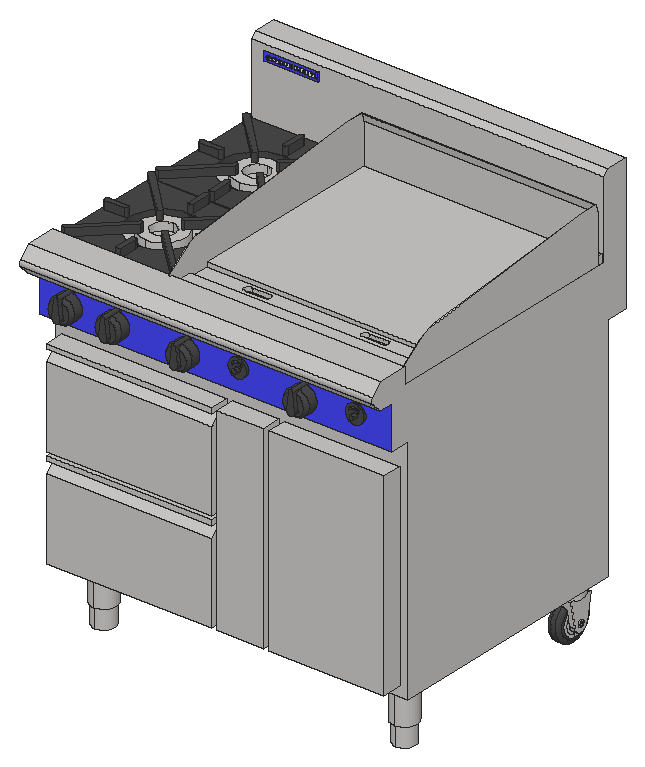
Revit family "QF_MOFFAT_BLUESEAL_CE_G516B-RB", category Specialty Equipment, Revit 2012 (continued)
Definition of nested family "GAS BURNER300 & GRIDDLE 600"
  Forms (mm)
    Extrusion 2, solid, material "QF_Finishes_Black"
      sketch origin (0, 0, 19.5) x (0, -1, 0) y (1, 0, 0)
        loop
          line (130.525, 123.076) -> (22.602, 15.153)
        loop
          spline (25.398, 156.4) -> (24.104, 156.182) -> (22.898, 155.543) -> (21.862, 154.525) -> (21.068, 153.2) -> (20.568, 151.656) -> (20.398, 150) -> (20.568, 148.344) -> (21.068, 146.8) -> (21.862, 145.475) -> (22.898, 144.457) -> (24.104, 143.818) -> (25.398, 143.6)
          line (25.398, 143.6) -> (74.602, 143.6)
          spline (74.602, 143.6) -> (75.896, 143.818) -> (77.102, 144.457) -> (78.138, 145.475) -> (78.932, 146.8) -> (79.432, 148.344) -> (79.602, 150) -> (79.432, 151.656) -> (78.932, 153.2) -> (78.138, 154.525) -> (77.102, 155.543) -> (75.896, 156.182) -> (74.602, 156.4)
          line (74.602, 156.4) -> (25.398, 156.4)
        loop
          spline (31.653, 293.898) -> (30.584, 294.659) -> (29.279, 295.059) -> (27.828, 295.072) -> (26.329, 294.697) -> (24.884, 293.959) -> (23.592, 292.908) -> (22.541, 291.616) -> (21.803, 290.171) -> (21.428, 288.672) -> (21.441, 287.221) -> (21.841, 285.916) -> (22.602, 284.847)
          line (22.602, 284.847) -> (130.525, 176.924)
          spline (130.525, 176.924) -> (131.595, 176.163) -> (132.899, 175.762) -> (134.351, 175.749) -> (135.85, 176.125) -> (137.295, 176.863) -> (138.586, 177.914) -> (139.637, 179.205) -> (140.375, 180.65) -> (140.751, 182.149) -> (140.738, 183.601) -> (140.337, 184.905) -> (139.576, 185.975)
          line (139.576, 185.975) -> (31.653, 293.898)
        loop
          line (160.1, 291.102) -> (160.1, 241.898)
          spline (160.1, 241.898) -> (160.318, 240.604) -> (160.957, 239.398) -> (161.975, 238.362) -> (163.3, 237.568) -> (164.844, 237.068) -> (166.5, 236.898) -> (168.156, 237.068) -> (169.7, 237.568) -> (171.025, 238.362) -> (172.043, 239.398) -> (172.682, 240.604) -> (172.9, 241.898)
          line (172.9, 241.898) -> (172.9, 291.102)
          spline (172.9, 291.102) -> (172.682, 292.396) -> (172.043, 293.602) -> (171.025, 294.638) -> (169.7, 295.432) -> (168.156, 295.932) -> (166.5, 296.102) -> (164.844, 295.932) -> (163.3, 295.432) -> (161.975, 294.638) -> (160.957, 293.602) -> (160.318, 292.396) -> (160.1, 291.102)
        loop
          spline (313.898, 284.847) -> (314.659, 285.916) -> (315.059, 287.221) -> (315.072, 288.672) -> (314.697, 290.171) -> (313.959, 291.616) -> (312.908, 292.908) -> (311.616, 293.959) -> (310.171, 294.697) -> (308.672, 295.072) -> (307.221, 295.059) -> (305.916, 294.659) -> (304.847, 293.898)
          line (304.847, 293.898) -> (193.424, 185.975)
          spline (193.424, 185.975) -> (192.663, 184.905) -> (192.262, 183.601) -> (192.249, 182.149) -> (192.625, 180.65) -> (193.363, 179.205) -> (194.414, 177.914) -> (195.705, 176.863) -> (197.15, 176.125) -> (198.649, 175.749) -> (200.101, 175.762) -> (201.405, 176.163) -> (202.475, 176.924)
          line (202.475, 176.924) -> (313.898, 284.847)
        loop
          spline (311.102, 143.6) -> (312.396, 143.818) -> (313.602, 144.457) -> (314.638, 145.475) -> (315.432, 146.8) -> (315.932, 148.344) -> (316.102, 150) -> (315.932, 151.656) -> (315.432, 153.2) -> (314.638, 154.525) -> (313.602, 155.543) -> (312.396, 156.182) -> (311.102, 156.4)
          line (311.102, 156.4) -> (261.898, 156.4)
          spline (261.898, 156.4) -> (260.604, 156.182) -> (259.398, 155.543) -> (258.362, 154.525) -> (257.568, 153.2) -> (257.068, 151.656) -> (256.898, 150) -> (257.068, 148.344) -> (257.568, 146.8) -> (258.362, 145.475) -> (259.398, 144.457) -> (260.604, 143.818) -> (261.898, 143.6)
          line (261.898, 143.6) -> (311.102, 143.6)
        loop
          line (313.898, 15.153) -> (202.475, 123.076)
          spline (202.475, 123.076) -> (201.405, 123.837) -> (200.101, 124.238) -> (198.649, 124.251) -> (197.15, 123.875) -> (195.705, 123.137) -> (194.414, 122.086) -> (193.363, 120.795) -> (192.625, 119.35) -> (192.249, 117.851) -> (192.262, 116.399) -> (192.663, 115.095) -> (193.424, 114.025)
          line (193.424, 114.025) -> (304.847, 6.102)
          spline (304.847, 6.102) -> (305.916, 5.341) -> (307.221, 4.941) -> (308.672, 4.928) -> (310.171, 5.303) -> (311.616, 6.041) -> (312.908, 7.092) -> (313.959, 8.384) -> (314.697, 9.829) -> (315.072, 11.328) -> (315.059, 12.779) -> (314.659, 14.084) -> (313.898, 15.153)
        loop
          line (172.9, 8.898) -> (172.9, 58.102)
          spline (172.9, 58.102) -> (172.682, 59.396) -> (172.043, 60.602) -> (171.025, 61.638) -> (169.7, 62.432) -> (168.156, 62.932) -> (166.5, 63.102) -> (164.844, 62.932) -> (163.3, 62.432) -> (161.975, 61.638) -> (160.957, 60.602) -> (160.318, 59.396) -> (160.1, 58.102)
          line (160.1, 58.102) -> (160.1, 8.898)
          spline (160.1, 8.898) -> (160.318, 7.604) -> (160.957, 6.398) -> (161.975, 5.362) -> (163.3, 4.568) -> (164.844, 4.068) -> (166.5, 3.898) -> (168.156, 4.068) -> (169.7, 4.568) -> (171.025, 5.362) -> (172.043, 6.398) -> (172.682, 7.604) -> (172.9, 8.898)
      from 0 to 20.5
    Extrusion 3, solid, material "QF_Finishes_Stainless Steel"
      sketch origin (0, -15.098, 0) x (0, -1, 0) y (1, 0, 0)
        loop
          circle (151.402, 150) r 57
        loop
          circle (451.402, 150) r 57
        loop
          circle (151.402, 150) r 30
        loop
          circle (451.402, 150) r 30
      from 0 to 20
  Lines and regions (mm)
    symbolic lines
      curve 1: line (284.847, -22.602, 0) -> (176.924, -130.525, 0)
      curve 2: spline (176.924, -130.525, 0) -> (176.163, -131.595, 0) -> (175.762, -132.899, 0) -> (175.749, -134.351, 0) -> (176.125, -135.85, 0) -> (176.863, -137.295, 0) -> (177.914, -138.586, 0) -> (179.205, -139.637, 0) -> (180.65, -140.375, 0) -> (182.149, -140.751, 0) -> (183.601, -140.738, 0) -> (184.905, -140.337, 0) -> (185.975, -139.576, 0)
      curve 3: line (185.975, -139.576, 0) -> (293.898, -31.653, 0)
      curve 4: spline (293.898, -31.653, 0) -> (294.659, -30.584, 0) -> (295.059, -29.279, 0) -> (295.072, -27.828, 0) -> (294.697, -26.329, 0) -> (293.959, -24.884, 0) -> (292.908, -23.592, 0) -> (291.616, -22.541, 0) -> (290.171, -21.803, 0) -> (288.672, -21.428, 0) -> (287.221, -21.441, 0) -> (285.916, -21.841, 0) -> (284.847, -22.602, 0)
      curve 5: line (291.102, -160.1, 0) -> (241.898, -160.1, 0)
      curve 6: spline (241.898, -160.1, 0) -> (240.604, -160.318, 0) -> (239.398, -160.957, 0) -> (238.362, -161.975, 0) -> (237.568, -163.3, 0) -> (237.068, -164.844, 0) -> (236.898, -166.5, 0) -> (237.068, -168.156, 0) -> (237.568, -169.7, 0) -> (238.362, -171.025, 0) -> (239.398, -172.043, 0) -> (240.604, -172.682, 0) -> (241.898, -172.9, 0)
      curve 7: line (241.898, -172.9, 0) -> (291.102, -172.9, 0)
      curve 8: arc (150, -223.5, 0) -> (168.725, -220.336, 0) -> (185.372, -211.197, 0) r 57
      curve 9: arc (150, -109.5, 0) -> (131.183, -112.696, 0) -> (114.475, -121.924, 0) r 57
      curve 10: arc (149.991, -84.418, 0) -> (178.523, -89.406, 0) -> (203.668, -103.781, 0) r 84.082
      curve 11: arc (149.991, -252.582, 0) -> (120.441, -247.219, 0) -> (94.661, -231.812, 0) r 84.082
      curve 12: line (156.4, -74.602, 0) -> (156.4, -25.398, 0)
      curve 13: spline (156.4, -25.398, 0) -> (156.182, -24.104, 0) -> (155.543, -22.898, 0) -> (154.525, -21.862, 0) -> (153.2, -21.068, 0) -> (151.656, -20.568, 0) -> (150, -20.398, 0) -> (148.344, -20.568, 0) -> (146.8, -21.068, 0) -> (145.475, -21.862, 0) -> (144.457, -22.898, 0) -> (143.818, -24.104, 0) -> (143.6, -25.398, 0)
      curve 14: line (143.6, -25.398, 0) -> (143.6, -74.602, 0)
      curve 15: spline (143.6, -74.602, 0) -> (143.818, -75.896, 0) -> (144.457, -77.102, 0) -> (145.475, -78.138, 0) -> (146.8, -78.932, 0) -> (148.344, -79.432, 0) -> (150, -79.602, 0) -> (151.656, -79.432, 0) -> (153.2, -78.932, 0) -> (154.525, -78.138, 0) -> (155.543, -77.102, 0) -> (156.182, -75.896, 0) -> (156.4, -74.602, 0)
      curve 16: line (296, 0, 0) -> (4, 0, 0)
      curve 17: arc (4, 0, 0) -> (1.879, -0.879, 0) -> (1, -3, 0) r 3
      curve 18: line (1, -3, 0) -> (1, -315.5, 0)
      curve 19: arc (1, -315.5, 0) -> (1.879, -317.621, 0) -> (4, -318.5, 0) r 3
      curve 20: line (4, -318.5, 0) -> (296, -318.5, 0)
      curve 21: line (296, -321.5, 0) -> (4, -321.5, 0)
      curve 22: arc (4, -321.5, 0) -> (1.879, -322.379, 0) -> (1, -324.5, 0) r 3
      curve 23: line (1, -324.5, 0) -> (1, -632, 0)
      curve 24: arc (1, -632, 0) -> (1.879, -634.121, 0) -> (4, -635, 0) r 3
      curve 25: line (4, -635, 0) -> (296, -635, 0)
      curve 26: line (293.898, -304.847, 0) -> (185.975, -193.424, 0)
      curve 27: spline (185.975, -193.424, 0) -> (184.905, -192.663, 0) -> (183.601, -192.262, 0) -> (182.149, -192.249, 0) -> (180.65, -192.625, 0) -> (179.205, -193.363, 0) -> (177.914, -194.414, 0) -> (176.863, -195.705, 0) -> (176.125, -197.15, 0) -> (175.749, -198.649, 0) -> (175.762, -200.101, 0) -> (176.163, -201.405, 0) -> (176.924, -202.475, 0)
      curve 28: line (176.924, -202.475, 0) -> (284.847, -313.898, 0)
      curve 29: spline (284.847, -313.898, 0) -> (285.916, -314.659, 0) -> (287.221, -315.059, 0) -> (288.672, -315.072, 0) -> (290.171, -314.697, 0) -> (291.616, -313.959, 0) -> (292.908, -312.908, 0) -> (293.959, -311.616, 0) -> (294.697, -310.171, 0) -> (295.072, -308.672, 0) -> (295.059, -307.221, 0) -> (294.659, -305.916, 0) -> (293.898, -304.847, 0)
      curve 30: line (15.153, -313.898, 0) -> (123.076, -202.475, 0)
      curve 31: spline (123.076, -202.475, 0) -> (123.837, -201.405, 0) -> (124.238, -200.101, 0) -> (124.251, -198.649, 0) -> (123.875, -197.15, 0) -> (123.137, -195.705, 0) -> (122.086, -194.414, 0) -> (120.795, -193.363, 0) -> (119.35, -192.625, 0) -> (117.851, -192.249, 0) -> (116.399, -192.262, 0) -> (115.095, -192.663, 0) -> (114.025, -193.424, 0)
      curve 32: line (114.025, -193.424, 0) -> (6.102, -304.847, 0)
      curve 33: spline (6.102, -304.847, 0) -> (5.341, -305.916, 0) -> (4.941, -307.221, 0) -> (4.928, -308.672, 0) -> (5.303, -310.171, 0) -> (6.041, -311.616, 0) -> (7.092, -312.908, 0) -> (8.384, -313.959, 0) -> (9.829, -314.697, 0) -> (11.328, -315.072, 0) -> (12.779, -315.059, 0) -> (14.084, -314.659, 0) -> (15.153, -313.898, 0)
      curve 34: line (8.898, -172.9, 0) -> (58.102, -172.9, 0)
      curve 35: spline (58.102, -172.9, 0) -> (59.396, -172.682, 0) -> (60.602, -172.043, 0) -> (61.638, -171.025, 0) -> (62.432, -169.7, 0) -> (62.932, -168.156, 0) -> (63.102, -166.5, 0) -> (62.932, -164.844, 0) -> (62.432, -163.3, 0) -> (61.638, -161.975, 0) -> (60.602, -160.957, 0) -> (59.396, -160.318, 0) -> (58.102, -160.1, 0)
      curve 36: line (58.102, -160.1, 0) -> (8.898, -160.1, 0)
      curve 37: spline (8.898, -160.1, 0) -> (7.604, -160.318, 0) -> (6.398, -160.957, 0) -> (5.362, -161.975, 0) -> (4.568, -163.3, 0) -> (4.068, -164.844, 0) -> (3.898, -166.5, 0) -> (4.068, -168.156, 0) -> (4.568, -169.7, 0) -> (5.362, -171.025, 0) -> (6.398, -172.043, 0) -> (7.604, -172.682, 0) -> (8.898, -172.9, 0)
      curve 38: line (6.102, -31.653, 0) -> (114.025, -139.576, 0)
      curve 39: spline (114.025, -139.576, 0) -> (115.095, -140.337, 0) -> (116.399, -140.738, 0) -> (117.851, -140.751, 0) -> (119.35, -140.375, 0) -> (120.795, -139.637, 0) -> (122.086, -138.586, 0) -> (123.137, -137.295, 0) -> (123.875, -135.85, 0) -> (124.251, -134.351, 0) -> (124.238, -132.899, 0) -> (123.837, -131.595, 0) -> (123.076, -130.525, 0)
      curve 40: line (123.076, -130.525, 0) -> (15.153, -22.602, 0)
      curve 41: spline (15.153, -22.602, 0) -> (13.924, -21.681, 0) -> (12.47, -21.131, 0) -> (10.89, -20.99, 0) -> (9.292, -21.267, 0) -> (7.786, -21.943, 0) -> (6.473, -22.973, 0) -> (5.443, -24.286, 0) -> (4.767, -25.792, 0) -> (4.49, -27.39, 0) -> (4.631, -28.97, 0) -> (5.181, -30.424, 0) -> (6.102, -31.653, 0)
      curve 42: arc (150, -136.5, 0) -> (180, -166.5, 0) -> (150, -196.5, 0) r 30
      curve 43: arc (150, -196.5, 0) -> (120, -166.5, 0) -> (150, -136.5, 0) r 30
      curve 44: line (156.4, -311.102, 0) -> (156.4, -261.898, 0)
      curve 45: spline (156.4, -261.898, 0) -> (156.182, -260.604, 0) -> (155.543, -259.398, 0) -> (154.525, -258.362, 0) -> (153.2, -257.568, 0) -> (151.656, -257.068, 0) -> (150, -256.898, 0) -> (148.344, -257.068, 0) -> (146.8, -257.568, 0) -> (145.475, -258.362, 0) -> (144.457, -259.398, 0) -> (143.818, -260.604, 0) -> (143.6, -261.898, 0)
      curve 46: line (143.6, -261.898, 0) -> (143.6, -311.102, 0)
      curve 47: spline (143.6, -311.102, 0) -> (143.818, -312.396, 0) -> (144.457, -313.602, 0) -> (145.475, -314.638, 0) -> (146.8, -315.432, 0) -> (148.344, -315.932, 0) -> (150, -316.102, 0) -> (151.656, -315.932, 0) -> (153.2, -315.432, 0) -> (154.525, -314.638, 0) -> (155.543, -313.602, 0) -> (156.182, -312.396, 0) -> (156.4, -311.102, 0)
      curve 48: line (156.4, -378.102, 0) -> (156.4, -328.898, 0)
      curve 49: spline (156.4, -328.898, 0) -> (156.182, -327.604, 0) -> (155.543, -326.398, 0) -> (154.525, -325.362, 0) -> (153.2, -324.568, 0) -> (151.656, -324.068, 0) -> (150, -323.898, 0) -> (148.344, -324.068, 0) -> (146.8, -324.568, 0) -> (145.475, -325.362, 0) -> (144.457, -326.398, 0) -> (143.818, -327.604, 0) -> (143.6, -328.898, 0)
      curve 50: line (143.6, -328.898, 0) -> (143.6, -378.102, 0)
      curve 51: spline (143.6, -378.102, 0) -> (143.818, -379.396, 0) -> (144.457, -380.602, 0) -> (145.475, -381.638, 0) -> (146.8, -382.432, 0) -> (148.344, -382.932, 0) -> (150, -383.102, 0) -> (151.656, -382.932, 0) -> (153.2, -382.432, 0) -> (154.525, -381.638, 0) -> (155.543, -380.602, 0) -> (156.182, -379.396, 0) -> (156.4, -378.102, 0)
      curve 52: line (284.847, -326.102, 0) -> (176.924, -434.025, 0)
      curve 53: spline (176.924, -434.025, 0) -> (176.163, -435.095, 0) -> (175.762, -436.399, 0) -> (175.749, -437.851, 0) -> (176.125, -439.35, 0) -> (176.863, -440.795, 0) -> (177.914, -442.086, 0) -> (179.205, -443.137, 0) -> (180.65, -443.875, 0) -> (182.149, -444.251, 0) -> (183.601, -444.238, 0) -> (184.905, -443.837, 0) -> (185.975, -443.076, 0)
      curve 54: line (185.975, -443.076, 0) -> (293.898, -335.153, 0)
      curve 55: spline (293.898, -335.153, 0) -> (294.659, -334.084, 0) -> (295.059, -332.779, 0) -> (295.072, -331.328, 0) -> (294.697, -329.829, 0) -> (293.959, -328.384, 0) -> (292.908, -327.092, 0) -> (291.616, -326.041, 0) -> (290.171, -325.303, 0) -> (288.672, -324.928, 0) -> (287.221, -324.941, 0) -> (285.916, -325.341, 0) -> (284.847, -326.102, 0)
      curve 56: line (123.076, -434.025, 0) -> (15.153, -326.102, 0)
      curve 57: spline (15.153, -326.102, 0) -> (13.924, -325.181, 0) -> (12.47, -324.631, 0) -> (10.89, -324.49, 0) -> (9.292, -324.767, 0) -> (7.786, -325.443, 0) -> (6.473, -326.473, 0) -> (5.443, -327.786, 0) -> (4.767, -329.292, 0) -> (4.49, -330.89, 0) -> (4.631, -332.47, 0) -> (5.181, -333.924, 0) -> (6.102, -335.153, 0)
      curve 58: line (6.102, -335.153, 0) -> (114.025, -443.076, 0)
      curve 59: spline (114.025, -443.076, 0) -> (115.095, -443.837, 0) -> (116.399, -444.238, 0) -> (117.851, -444.251, 0) -> (119.35, -443.875, 0) -> (120.795, -443.137, 0) -> (122.086, -442.086, 0) -> (123.137, -440.795, 0) -> (123.875, -439.35, 0) -> (124.251, -437.851, 0) -> (124.238, -436.399, 0) -> (123.837, -435.095, 0) -> (123.076, -434.025, 0)
      curve 60: line (58.102, -463.6, 0) -> (8.898, -463.6, 0)
      curve 61: spline (8.898, -463.6, 0) -> (7.604, -463.818, 0) -> (6.398, -464.457, 0) -> (5.362, -465.475, 0) -> (4.568, -466.8, 0) -> (4.068, -468.344, 0) -> (3.898, -470, 0) -> (4.068, -471.656, 0) -> (4.568, -473.2, 0) -> (5.362, -474.525, 0) -> (6.398, -475.543, 0) -> (7.604, -476.182, 0) -> (8.898, -476.4, 0)
      curve 62: line (8.898, -476.4, 0) -> (58.102, -476.4, 0)
      curve 63: spline (58.102, -476.4, 0) -> (59.396, -476.182, 0) -> (60.602, -475.543, 0) -> (61.638, -474.525, 0) -> (62.432, -473.2, 0) -> (62.932, -471.656, 0) -> (63.102, -470, 0) -> (62.932, -468.344, 0) -> (62.432, -466.8, 0) -> (61.638, -465.475, 0) -> (60.602, -464.457, 0) -> (59.396, -463.818, 0) -> (58.102, -463.6, 0)
      curve 64: line (114.025, -496.924, 0) -> (6.102, -603.347, 0)
      curve 65: spline (6.102, -603.347, 0) -> (5.341, -604.416, 0) -> (4.941, -605.721, 0) -> (4.928, -607.172, 0) -> (5.303, -608.671, 0) -> (6.041, -610.116, 0) -> (7.092, -611.408, 0) -> (8.384, -612.459, 0) -> (9.829, -613.197, 0) -> (11.328, -613.572, 0) -> (12.779, -613.559, 0) -> (14.084, -613.159, 0) -> (15.153, -612.398, 0)
      curve 66: line (15.153, -612.398, 0) -> (123.076, -505.975, 0)
      curve 67: spline (123.076, -505.975, 0) -> (123.837, -504.905, 0) -> (124.238, -503.601, 0) -> (124.251, -502.149, 0) -> (123.875, -500.65, 0) -> (123.137, -499.205, 0) -> (122.086, -497.914, 0) -> (120.795, -496.863, 0) -> (119.35, -496.125, 0) -> (117.851, -495.749, 0) -> (116.399, -495.762, 0) -> (115.095, -496.163, 0) -> (114.025, -496.924, 0)
      curve 68: line (156.4, -609.602, 0) -> (156.4, -561.898, 0)
      curve 69: spline (156.4, -561.898, 0) -> (156.182, -560.604, 0) -> (155.543, -559.398, 0) -> (154.525, -558.362, 0) -> (153.2, -557.568, 0) -> (151.656, -557.068, 0) -> (150, -556.898, 0) -> (148.344, -557.068, 0) -> (146.8, -557.568, 0) -> (145.475, -558.362, 0) -> (144.457, -559.398, 0) -> (143.818, -560.604, 0) -> (143.6, -561.898, 0)
      curve 70: line (143.6, -561.898, 0) -> (143.6, -609.602, 0)
      curve 71: spline (143.6, -609.602, 0) -> (143.818, -610.896, 0) -> (144.457, -612.102, 0) -> (145.475, -613.138, 0) -> (146.8, -613.932, 0) -> (148.344, -614.432, 0) -> (150, -614.602, 0) -> (151.656, -614.432, 0) -> (153.2, -613.932, 0) -> (154.525, -613.138, 0) -> (155.543, -612.102, 0) -> (156.182, -610.896, 0) -> (156.4, -609.602, 0)
      curve 72: line (176.924, -505.975, 0) -> (284.847, -612.398, 0)
      curve 73: spline (284.847, -612.398, 0) -> (285.916, -613.159, 0) -> (287.221, -613.559, 0) -> (288.672, -613.572, 0) -> (290.171, -613.197, 0) -> (291.616, -612.459, 0) -> (292.908, -611.408, 0) -> (293.959, -610.116, 0) -> (294.697, -608.671, 0) -> (295.072, -607.172, 0) -> (295.059, -605.721, 0) -> (294.659, -604.416, 0) -> (293.898, -603.347, 0)
      curve 74: line (293.898, -603.347, 0) -> (185.975, -496.924, 0)
      curve 75: spline (185.975, -496.924, 0) -> (184.905, -496.163, 0) -> (183.601, -495.762, 0) -> (182.149, -495.749, 0) -> (180.65, -496.125, 0) -> (179.205, -496.863, 0) -> (177.914, -497.914, 0) -> (176.863, -499.205, 0) -> (176.125, -500.65, 0) -> (175.749, -502.149, 0) -> (175.762, -503.601, 0) -> (176.163, -504.905, 0) -> (176.924, -505.975, 0)
      curve 76: arc (149.991, -384.418, 0) -> (179.687, -389.836, 0) -> (205.556, -405.393, 0) r 84.082
      curve 77: arc (149.991, -552.582, 0) -> (121.173, -547.489, 0) -> (95.845, -532.827, 0) r 84.082
      curve 78: arc (150, -523.5, 0) -> (167.666, -520.693, 0) -> (183.592, -512.55, 0) r 57
      curve 79: arc (150, -409.5, 0) -> (130.014, -413.119, 0) -> (112.566, -423.515, 0) r 57
      curve 80: arc (150, -436.5, 0) -> (180, -466.5, 0) -> (150, -496.5, 0) r 30
      curve 81: arc (150, -496.5, 0) -> (120, -466.5, 0) -> (150, -436.5, 0) r 30
      curve 82: line (291.102, -463.6, 0) -> (241.898, -463.6, 0)
      curve 83: spline (241.898, -463.6, 0) -> (240.604, -463.818, 0) -> (239.398, -464.457, 0) -> (238.362, -465.475, 0) -> (237.568, -466.8, 0) -> (237.068, -468.344, 0) -> (236.898, -470, 0) -> (237.068, -471.656, 0) -> (237.568, -473.2, 0) -> (238.362, -474.525, 0) -> (239.398, -475.543, 0) -> (240.604, -476.182, 0) -> (241.898, -476.4, 0)
      curve 84: line (241.898, -476.4, 0) -> (291.102, -476.4, 0)
      curve 85: arc (96.324, -103.773, 0) -> (121.466, -89.404, 0) -> (149.991, -84.418, 0) r 84.082
      curve 86: arc (212.871, -112.68, 0) -> (234.066, -167.408, 0) -> (214.3, -222.668, 0) r 84.082
      curve 87: arc (194.454, -202.178, 0) -> (207, -166.598, 0) -> (194.576, -130.975, 0) r 57
      curve 88: arc (114.628, -211.197, 0) -> (131.275, -220.336, 0) -> (150, -223.5, 0) r 57
      curve 89: arc (105.424, -130.975, 0) -> (93, -166.598, 0) -> (105.546, -202.178, 0) r 57
      curve 90: arc (187.434, -423.515, 0) -> (169.986, -413.119, 0) -> (150, -409.5, 0) r 57
      curve 91: arc (103.911, -432.962, 0) -> (93.053, -468.956, 0) -> (106.969, -503.881, 0) r 57
      curve 92: arc (109.732, -506.842, 0) -> (110.614, -507.704, 0) -> (111.516, -508.547, 0) r 57
      curve 93: arc (193.031, -503.881, 0) -> (206.947, -468.956, 0) -> (196.089, -432.962, 0) r 57
      curve 94: arc (214.491, -414.56, 0) -> (234.068, -469.429, 0) -> (213.283, -523.853, 0) r 84.082
      curve 95: arc (94.436, -405.385, 0) -> (120.301, -389.834, 0) -> (149.991, -384.418, 0) r 84.082
      curve 96: arc (86.707, -523.862, 0) -> (65.914, -469.429, 0) -> (85.499, -414.55, 0) r 84.082
      curve 97: arc (116.408, -512.55, 0) -> (132.334, -520.693, 0) -> (150, -523.5, 0) r 57
      curve 98: arc (204.147, -532.819, 0) -> (178.816, -547.487, 0) -> (149.991, -552.582, 0) r 84.082
      curve 99: arc (185.525, -121.924, 0) -> (168.817, -112.696, 0) -> (150, -109.5, 0) r 57
      curve 100: arc (205.331, -231.803, 0) -> (179.547, -247.216, 0) -> (149.991, -252.582, 0) r 84.082
      curve 101: arc (85.69, -222.678, 0) -> (65.916, -167.408, 0) -> (87.119, -112.67, 0) r 84.082
      curve 102: line (299, -315.5, 0) -> (299, -3, 0)
      curve 103: arc (299, -3, 0) -> (298.121, -0.879, 0) -> (296, 0, 0) r 3
      curve 104: spline (291.102, -172.9, 0) -> (292.396, -172.682, 0) -> (293.602, -172.043, 0) -> (294.638, -171.025, 0) -> (295.432, -169.7, 0) -> (295.932, -168.156, 0) -> (296.102, -166.5, 0) -> (295.932, -164.844, 0) -> (295.432, -163.3, 0) -> (294.638, -161.975, 0) -> (293.602, -160.957, 0) -> (292.396, -160.318, 0) -> (291.102, -160.1, 0)
      curve 105: spline (291.102, -476.4, 0) -> (292.396, -476.182, 0) -> (293.602, -475.543, 0) -> (294.638, -474.525, 0) -> (295.432, -473.2, 0) -> (295.932, -471.656, 0) -> (296.102, -470, 0) -> (295.932, -468.344, 0) -> (295.432, -466.8, 0) -> (294.638, -465.475, 0) -> (293.602, -464.457, 0) -> (292.396, -463.818, 0) -> (291.102, -463.6, 0)
      curve 106: arc (296, -635, 0) -> (298.121, -634.121, 0) -> (299, -632, 0) r 3
      curve 107: line (299, -632, 0) -> (299, -324.5, 0)
      curve 108: arc (299, -324.5, 0) -> (298.121, -322.379, 0) -> (296, -321.5, 0) r 3
      curve 109: arc (296, -318.5, 0) -> (298.121, -317.621, 0) -> (299, -315.5, 0) r 3
  Dimensions and locks
    equal spacing: plane 3 "LEFT", plane 7 "Center Y", plane 4 "RIGHT"
    "Width": plane 3 "LEFT" to plane 4 "RIGHT"
    equal spacing: plane 5 "FRONT", plane 8 "Center X", plane 1 "BACK"
    "Depth": plane 5 "FRONT" to plane 1 "BACK"
    aligned and locked: level to plane 2
  Automatic sketch dimensions
    curve 8 to curve 9 = 0.00 mm
    curve 8 to curve 42 = 0.00 mm  (x2)
    curve 8 to curve 87 = 0.00 mm  (x2)
    curve 8 to curve 88 = 0.00 mm
    curve 8 to curve 89 = 0.00 mm
    curve 8 to curve 99 = 0.00 mm  (x2)
    curve 9 to curve 89 = 0.00 mm
    curve 10 to curve 11 = 0.00 mm  (x2)
    curve 10 to curve 85 = 0.00 mm
    curve 10 to curve 86 = 0.00 mm  (x2)
    curve 10 to curve 100 = 0.00 mm
    curve 10 to curve 101 = 0.00 mm  (x2)
    curve 76 to curve 77 = 0.00 mm  (x2)
    curve 76 to curve 94 = 0.00 mm  (x2)
    curve 76 to curve 95 = 0.00 mm
    curve 76 to curve 96 = 0.00 mm  (x2)
    curve 76 to curve 98 = 0.00 mm
    curve 78 to curve 79 = 0.00 mm
    curve 78 to curve 80 = 0.00 mm  (x2)
    curve 78 to curve 90 = 0.00 mm  (x2)
    curve 78 to curve 91 = 0.00 mm
    curve 78 to curve 92 = 0.00 mm
    curve 78 to curve 93 = 0.00 mm  (x2)
    curve 78 to curve 97 = 0.00 mm
    curve 79 to curve 91 = 0.00 mm
    curve 79 to curve 92 = 0.00 mm
    plane 5 "FRONT" to curve 24 = 0.00 mm
    plane 1 "BACK" to curve 103 = 0.00 mm
    plane 3 "LEFT" to curve 18 = 1.00 mm
    plane 3 "LEFT" to curve 22 = 1.00 mm
    plane 3 "LEFT" to curve 24 = 4.00 mm
    curve 19 to curve 19 = 3.00 mm
    plane 3 "LEFT" to curve 17 = 4.00 mm
    curve 21 to curve 19 = 0.00 mm
    plane 3 "LEFT" to curve 57 = 6.102 mm
    plane 3 "LEFT" to curve 32 = 6.102 mm
    plane 3 "LEFT" to curve 41 = 6.102 mm
    plane 3 "LEFT" to curve 64 = 6.102 mm
    plane 3 "LEFT" to curve 37 = 8.898 mm
    plane 3 "LEFT" to curve 60 = 8.898 mm
    curve 57 to curve 57 = 4.525 mm
    curve 33 to curve 33 = 4.525 mm
    curve 64 to curve 65 = 4.525 mm
    curve 38 to curve 41 = 4.525 mm
    plane 8 "Center X" to curve 30 = 3.602 mm
    curve 60 to curve 96 = 27.397 mm
    curve 35 to curve 101 = 27.588 mm
    curve 96 to curve 95 = 8.937 mm
    curve 101 to curve 11 = 8.97 mm
    curve 96 to curve 91 = 18.412 mm
    curve 101 to curve 89 = 18.305 mm
    curve 101 to curve 89 = 19.856 mm
    curve 96 to curve 91 = 20.262 mm
    curve 91 to curve 92 = 2.762 mm
    curve 92 to curve 92 = 1.784 mm
    curve 91 to curve 79 = 8.655 mm
    curve 89 to curve 39 = 8.601 mm
    curve 91 to curve 67 = 7.056 mm
    curve 89 to curve 32 = 8.479 mm
    curve 92 to curve 97 = 4.893 mm
    curve 67 to curve 67 = 4.525 mm
    curve 59 to curve 59 = 4.525 mm
    curve 32 to curve 31 = 4.525 mm
    curve 38 to curve 39 = 4.525 mm
    curve 85 to curve 15 = 47.276 mm
    curve 77 to curve 70 = 47.755 mm
    curve 11 to curve 45 = 48.939 mm
    curve 76 to curve 97 = 0.009 mm
    curve 10 to curve 42 = 0.009 mm
    curve 70 to curve 71 = 6.40 mm
    curve 14 to curve 15 = 6.40 mm
    curve 76 to curve 51 = 0.009 mm
    curve 46 to curve 47 = 6.40 mm
    curve 50 to curve 49 = 6.40 mm
    curve 1 to curve 2 = 4.525 mm
    curve 53 to curve 53 = 4.525 mm
    curve 27 to curve 27 = 4.525 mm
    curve 72 to curve 75 = 4.525 mm
    curve 75 to curve 78 = 6.668 mm
    curve 28 to curve 8 = 8.448 mm
    curve 2 to curve 99 = 8.601 mm  (x2)
    curve 27 to curve 87 = 8.479 mm
    curve 2 to curve 87 = 8.601 mm
    curve 90 to curve 93 = 8.655 mm
    curve 99 to curve 10 = 18.144 mm
    curve 78 to curve 98 = 20.555 mm
    curve 8 to curve 100 = 19.959 mm
    curve 90 to curve 76 = 18.122 mm
    curve 100 to curve 86 = 8.969 mm
    curve 76 to curve 94 = 8.936 mm
    curve 93 to curve 82 = 45.809 mm
    curve 87 to curve 7 = 47.444 mm
    plane 1 "BACK" to curve 4 = 22.602 mm
    curve 52 to plane 8 "Center X" = 8.602 mm
    plane 8 "Center X" to curve 28 = 3.602 mm
    curve 28 to curve 52 = 0.00 mm
    curve 72 to plane 5 "FRONT" = 22.602 mm
    curve 1 to curve 4 = 4.525 mm
    curve 55 to curve 55 = 4.525 mm
    curve 28 to curve 29 = 4.525 mm
    curve 72 to curve 73 = 4.525 mm
    curve 82 to curve 105 = 49.204 mm
    curve 6 to curve 104 = 49.204 mm
    curve 108 to plane 8 "Center X" = 4.00 mm
    curve 55 to curve 108 = 6.628 mm
    plane 8 "Center X" to curve 109 = 2.00 mm
    curve 109 to curve 108 = 0.00 mm
    curve 72 to curve 25 = 11.153 mm
    curve 4 to curve 16 = 11.153 mm
    curve 108 to curve 107 = 3.00 mm
    plane 1 "BACK" to curve 103 = 3.00 mm
    curve 24 to curve 65 = 19.602 mm
    curve 70 to plane 5 "FRONT" = 25.398 mm
    curve 69 to curve 98 = 9.316 mm
    curve 77 to curve 96 = 8.965 mm
    curve 98 to curve 94 = 8.967 mm
    curve 97 to curve 92 = 4.003 mm
    curve 78 to curve 72 = 6.575 mm
    curve 97 to curve 66 = 6.575 mm
    curve 92 to curve 91 = 2.96 mm
    curve 93 to curve 75 = 6.958 mm
    curve 78 to curve 81 = 27.00 mm
    curve 96 to curve 61 = 47.462 mm
    curve 94 to curve 84 = 47.453 mm
    curve 61 to curve 61 = 6.40 mm
    curve 105 to curve 105 = 6.40 mm
    curve 59 to curve 91 = 10.114 mm
    curve 53 to curve 93 = 10.114 mm
    curve 94 to curve 76 = 9.166 mm
    curve 96 to curve 95 = 9.165 mm
    curve 76 to curve 51 = 6.316 mm
    curve 57 to plane 8 "Center X" = 17.653 mm
    curve 49 to plane 8 "Center X" = 11.398 mm
    curve 19 to plane 8 "Center X" = 1.00 mm
    plane 8 "Center X" to curve 46 = 6.398 mm
    curve 45 to curve 11 = 9.316 mm
    curve 88 to curve 31 = 8.722 mm
    curve 8 to curve 28 = 8.722 mm
    curve 89 to curve 31 = 8.754 mm
    curve 8 to curve 42 = 27.00 mm
    curve 101 to curve 34 = 49.778 mm
    curve 86 to curve 7 = 49.768 mm
    curve 6 to curve 6 = 6.40 mm
    curve 34 to curve 35 = 6.40 mm
    curve 38 to curve 89 = 8.601 mm
    curve 40 to curve 9 = 8.601 mm
    curve 86 to curve 10 = 8.899 mm
    curve 101 to curve 85 = 8.898 mm
    curve 10 to curve 15 = 9.816 mm
    plane 1 "BACK" to curve 13 = 25.398 mm
    plane 1 "BACK" to Extrusion 1 sketch curve = 0.00 mm
    plane 5 "FRONT" to Extrusion 1 sketch curve = 0.00 mm
    plane 3 "LEFT" to Extrusion 1 sketch curve = 1.00 mm  (x2)
    plane 1 "BACK" to Extrusion 1 sketch curve = 3.00 mm  (x2)
    plane 8 "Center X" to Extrusion 1 sketch curve = 149.00 mm
    plane 8 "Center X" to Extrusion 1 sketch curve = 2.00 mm  (x2)
    Extrusion 1 sketch curve to plane 8 "Center X" = 1.00 mm
    Extrusion 1 sketch curve to Extrusion 1 sketch curve = 3.00 mm  (x3)
    Extrusion 1 sketch curve to plane 8 "Center X" = 151.00 mm
    Extrusion 1 sketch curve to plane 5 "FRONT" = 3.00 mm  (x2)
    plane 3 "LEFT" to Extrusion 1 sketch curve = 149.991 mm  (x2)
    Extrusion 1 sketch curve to plane 7 "Center Y" = 154.00 mm
    Extrusion 1 sketch curve to Extrusion 1 sketch curve = 0.00 mm
    Extrusion 2 sketch curve to Extrusion 1 = 22.602 mm  (x2)
    Extrusion 2 sketch curve to Extrusion 1 = 25.398 mm  (x2)
    Extrusion 2 sketch curve to Extrusion 2 sketch curve = 4.525 mm  (x16)
    Extrusion 2 sketch curve to Extrusion 2 sketch curve = 49.204 mm  (x5)
    Extrusion 2 sketch curve to Extrusion 2 sketch curve = 55.923 mm  (x5)
    Extrusion 2 sketch curve to Extrusion 2 sketch curve = 0.00 mm  (x5)
    Extrusion 2 sketch curve to Extrusion 2 sketch curve = 20.524 mm  (x8)
    Extrusion 2 sketch curve to Extrusion 2 sketch curve = 6.40 mm  (x8)
    Extrusion 2 sketch curve to Extrusion 2 sketch curve = 53.847 mm  (x8)
    Extrusion 2 sketch curve to Extrusion 1 = 56.602 mm
    Extrusion 2 sketch curve to Extrusion 1 = 5.102 mm  (x6)
    Extrusion 2 sketch curve to Extrusion 1 = 13.653 mm  (x2)
    Extrusion 2 sketch curve to Extrusion 1 = 7.398 mm  (x2)
    Extrusion 2 sketch curve to Extrusion 1 = 4.602 mm  (x2)
    Extrusion 2 sketch curve to Extrusion 1 = 7.898 mm  (x4)
    Extrusion 2 sketch curve to Extrusion 1 = 31.653 mm  (x2)
    Extrusion 2 sketch curve to Extrusion 1 = 57.102 mm
    Extrusion 2 sketch curve to Extrusion 1 = 14.153 mm
    Extrusion 3 sketch curve to Extrusion 3 sketch curve = 0.00 mm  (x24)
    plane 1 "BACK" to Extrusion 3 sketch curve = 109.50 mm
    Extrusion 3 sketch curve to Extrusion 3 sketch curve = 27.00 mm  (x2)
    Extrusion 3 sketch curve to Extrusion 3 sketch curve = 30.00 mm  (x2)
    Extrusion 3 sketch curve to plane 8 "Center X" = 92.00 mm
    plane 3 "LEFT" to Extrusion 3 sketch curve = 150.00 mm  (x2)
    radius of Extrusion 1 sketch curve = 84.082 mm  (x2)
  Nested families
    nested 1: "GAS GRIDDLE PLATE 600" at (300, -15, 0), type "GAS GRIDDLE PLATE 600"
      with Width 600.00 mm, Type Mark "", Status "", Specification by User "", Revision Code "", Item Number "", Installed By "", Identify Quantity as Lot yes, Furnished By "", Foodservice Equipment Identifier yes, Depth 620.00 mm
  Definition of nested family "GAS GRIDDLE PLATE 600"
    Parameters (values of type "GAS GRIDDLE PLATE 600")
      Width [instance] = 600.00 mm
      Weight in Pounds = 0
      URL Cutsheet = ""
      Type Mark [instance] = ""
      Status [instance] = ""
      Specification by User [instance] = ""
      Specification by Manufacturer = ""
      Serial Number = ""
      Seismic Rating = ""
      SMACNA No = ""
      Revision Code [instance] = ""
      Omniclass Number and Title = ""
      NAFEM Spec ID Number = ""
      Masterspec = ""
      Item Number [instance] = ""
      Installed By [instance] = ""
      Identify Quantity as Lot [instance] = yes
      Furnished By [instance] = ""
      Foodservice Equipment Identifier [instance] = yes
      Depth [instance] = 620.00 mm
      CSI MasterFormat = ""
      CSI Master Format = ""
    Reference planes
      plane 1 "BACK": y = 0
      plane 2: z = 0
      plane 3 "LEFT": x = 0
      plane 4 "RIGHT": x = 600
      plane 5 "FRONT": y = -620
      plane 6 "TOP": z = 142.5
      plane 7 "Center Y": x = 300
      plane 8 "Center X": y = -310
      plane 9: y = -530.997
      plane 10: y = -541.497
      plane 11: y = -503.25
      plane 12: y = -557.737
    Forms (mm)
      Extrusion 1, solid, material "QF_Finishes_Stainless Steel"
        sketch origin (0, 70.003, -874.5) x (0, 1, 0) y (0, 0, 1)
          loop
            line (-70, 875) -> (-70, 997.489) -> (-75.228, 1017) -> (-117.24, 1017) -> (-589.533, 971.523)
            arc (-589.533, 971.523) -> (-614.56, 965.803) -> (-637.306, 953.899) r 100
            line (-637.306, 953.899) -> (-690.003, 917) -> (-690.003, 875) -> (-70, 875)
        from 0 to 1.8
      Extrusion 2, solid, material "QF_Finishes_Stainless Steel"
        sketch origin (600, 70.003, -874.5) x (0, -1, 0) y (0, 0, 1)
          loop
            line (70, 875) -> (690.003, 875) -> (690.003, 917) -> (637.306, 953.899)
            arc (637.306, 953.899) -> (614.56, 965.803) -> (589.533, 971.523) r 100
            line (589.533, 971.523) -> (117.24, 1017) -> (75.228, 1017) -> (70, 997.489) -> (70, 875)
        from 0 to 1.2
      Extrusion 3, solid, material "QF_Finishes_Stainless Steel"
        sketch origin (150, 70.003, -874.5) x (0, 1, 0) y (0, 0, 1)
          loop
            line (-55, 895) -> (-573.253, 895) -> (-573.253, 884.5) -> (-627.74, 884.5) -> (-627.74, 895) -> (-690.003, 895) -> (-690.003, 875) -> (-55, 875) -> (-55, 895)
        from -148.2 to 448.8
      Extrusion 4, void
        sketch origin (150, -541.497, 10) x (0, -1, 0) y (1, 0, 0)
          loop
            arc (-7.497, 25.113) -> (-17.497, 35.113) -> (-27.497, 25.113) r 10
            line (-27.497, 25.113) -> (-27.497, -24.887)
            arc (-27.497, -24.887) -> (-17.497, -34.887) -> (-7.497, -24.887) r 10
            line (-7.497, -24.887) -> (-7.497, 25.113)
          loop
            line (-7.497, 274.887) -> (-7.497, 324.887)
            arc (-7.497, 324.887) -> (-17.497, 334.887) -> (-27.497, 324.887) r 10
            line (-27.497, 324.887) -> (-27.497, 274.887)
            arc (-27.497, 274.887) -> (-17.497, 264.887) -> (-7.497, 274.887) r 10
        from -41.4 to 40.142
      Extrusion 5, solid, material "QF_Finishes_Stainless Steel"
        sketch origin (0, 70.003, -874.5) x (0, 1, 0) y (0, 0, 1)
          loop
            line (-70, 875) -> (-70, 997.489) -> (-75.228, 1017) -> (-76.884, 1017) -> (-71.6, 997.278) -> (-71.6, 875) -> (-70, 875)
        from 0 to 598.8
    Cuts and joins
      Extrusion 4 cuts Extrusion 3
      joined: Extrusion 1, Extrusion 2, Extrusion 3, Extrusion 5
    Lines and regions (mm)
      symbolic lines
        curve 1: line (600, -503.25, 0) -> (0, -503.25, 0)
        curve 2: line (0, -557.737, 0) -> (600, -557.737, 0)
        curve 3: line (0, -1.68, 0) -> (600, -1.68, 0)
        curve 4: line (600, -1.68, 0) -> (600, -620, 0)
        curve 5: line (0, -620, 0) -> (0, -1.68, 0)
        curve 6: line (0, -620, 0) -> (600, -620, 0)
        curve 7: arc (175.113, -534, 0) -> (185.113, -524, 0) -> (175.113, -514, 0) r 10
        curve 8: line (175.113, -514, 0) -> (125.113, -514, 0)
        curve 9: arc (125.113, -514, 0) -> (115.113, -524, 0) -> (125.113, -534, 0) r 10
        curve 10: line (125.113, -534, 0) -> (175.113, -534, 0)
        curve 11: arc (424.887, -534, 0) -> (414.887, -524, 0) -> (424.887, -514, 0) r 10
        curve 12: line (424.887, -514, 0) -> (474.887, -514, 0)
        curve 13: arc (474.887, -514, 0) -> (484.887, -524, 0) -> (474.887, -534, 0) r 10
        curve 14: line (474.887, -534, 0) -> (424.887, -534, 0)
    Dimensions and locks
      equal spacing: plane 3 "LEFT", plane 7 "Center Y", plane 4 "RIGHT"
      "Width": plane 3 "LEFT" to plane 4 "RIGHT"
      equal spacing: plane 5 "FRONT", plane 8 "Center X", plane 1 "BACK"
      "Depth": plane 5 "FRONT" to plane 1 "BACK"
      locked: Extrusion 2 to Extrusion 2 at 1.2
      aligned and locked: level to plane 2
      aligned and locked: Extrusion 2 to plane 4 "RIGHT"
      aligned and locked: curve 1 to plane 11
      aligned and locked: plane 12 to curve 2
      aligned and locked: Extrusion 5 to cut or joined group of Extrusion 1, Extrusion 2, Extrusion 3, Extrusion 4, Extrusion 5
    Automatic sketch dimensions
      Extrusion 1 sketch curve to plane 5 "FRONT" = 0.00 mm
      Extrusion 1 sketch curve to plane 6 "TOP" = 0.00 mm
      plane 12 to Extrusion 1 sketch curve = 9.566 mm
      plane 11 to Extrusion 1 sketch curve = 16.28 mm
      Extrusion 1 sketch curve to level = 2.516 mm
      plane 11 to Extrusion 1 sketch curve = 6.695 mm
      plane 1 "BACK" to Extrusion 1 sketch curve = 47.237 mm
      plane 1 "BACK" to Extrusion 1 sketch curve = 5.225 mm
      Extrusion 1 sketch curve to plane 1 "BACK" = 0.003 mm
      level to Extrusion 1 sketch curve = 0.50 mm
      Extrusion 1 sketch curve to Extrusion 1 sketch curve = 42.00 mm
      Extrusion 1 sketch curve to plane 6 "TOP" = 63.101 mm
      Extrusion 1 sketch curve to plane 6 "TOP" = 19.511 mm
      Extrusion 2 sketch curve to plane 6 "TOP" = 0.00 mm
      Extrusion 2 sketch curve to plane 5 "FRONT" = 0.00 mm
      plane 12 to Extrusion 2 sketch curve = 9.566 mm
      plane 11 to Extrusion 2 sketch curve = 16.28 mm
      Extrusion 2 sketch curve to level = 2.516 mm
      plane 11 to Extrusion 2 sketch curve = 6.695 mm
      plane 1 "BACK" to Extrusion 2 sketch curve = 47.237 mm
      plane 1 "BACK" to Extrusion 2 sketch curve = 5.225 mm
      Extrusion 2 sketch curve to plane 1 "BACK" = 0.003 mm
      level to Extrusion 2 sketch curve = 0.50 mm
      Extrusion 2 sketch curve to Extrusion 2 sketch curve = 42.00 mm
      Extrusion 2 sketch curve to plane 6 "TOP" = 63.101 mm
      Extrusion 2 sketch curve to plane 6 "TOP" = 19.511 mm
      Extrusion 3 sketch curve to plane 5 "FRONT" = 0.00 mm
      Extrusion 3 sketch curve to plane 12 = 0.00 mm
      Extrusion 3 sketch curve to plane 11 = 0.00 mm
      Extrusion 3 sketch curve to plane 1 "BACK" = 15.003 mm
      level to Extrusion 3 sketch curve = 0.50 mm
      level to Extrusion 3 sketch curve = 10.00 mm
      Extrusion 3 sketch curve to Extrusion 3 sketch curve = 10.50 mm  (x2)
      plane 1 "BACK" to Extrusion 5 sketch curve = 5.225 mm
      Extrusion 5 sketch curve to plane 1 "BACK" = 0.003 mm
      Extrusion 5 sketch curve to plane 6 "TOP" = 19.511 mm
      Extrusion 5 sketch curve to Extrusion 5 sketch curve = 1.60 mm
      Extrusion 5 sketch curve to Extrusion 5 sketch curve = 0.211 mm
      Extrusion 5 sketch curve to plane 6 "TOP" = 0.00 mm
      Extrusion 5 sketch curve to Extrusion 5 sketch curve = 1.656 mm
      level to Extrusion 5 sketch curve = 0.50 mm
      plane 11 to Extrusion 4 sketch curve = 10.75 mm  (x2)
      Extrusion 4 sketch curve to Extrusion 4 sketch curve = 10.00 mm  (x2)
      plane 3 "LEFT" to Extrusion 4 sketch curve = 125.113 mm
      Extrusion 4 sketch curve to Extrusion 4 sketch curve = 50.00 mm  (x2)
      plane 7 "Center Y" to Extrusion 4 sketch curve = 124.887 mm
      curve 6 to plane 3 "LEFT" = 0.00 mm
      curve 3 to plane 4 "RIGHT" = 0.00 mm
      plane 5 "FRONT" to curve 6 = 0.00 mm
      plane 11 to curve 8 = 10.75 mm
      plane 3 "LEFT" to curve 8 = 125.113 mm
      curve 10 to plane 12 = 23.737 mm
      curve 9 to curve 10 = 50.00 mm
      curve 11 to plane 12 = 23.737 mm
      plane 7 "Center Y" to curve 11 = 124.887 mm
      plane 11 to curve 12 = 10.75 mm
      curve 12 to curve 12 = 50.00 mm
      plane 1 "BACK" to curve 3 = 1.68 mm
